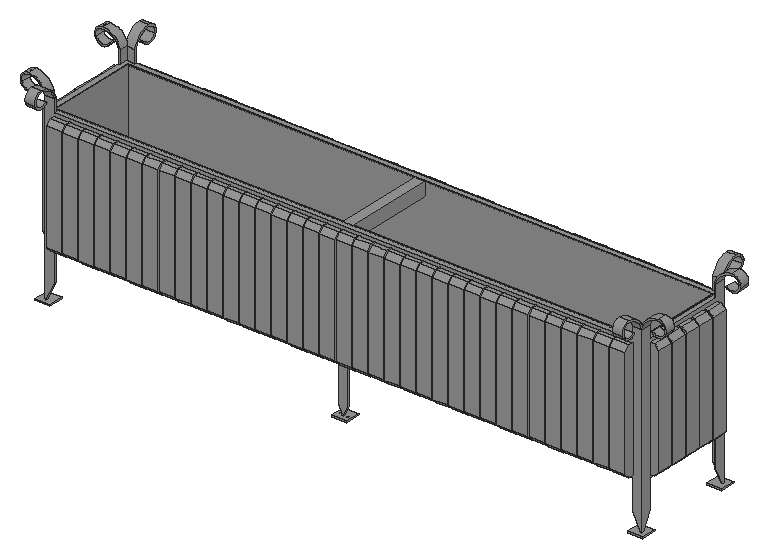
Revit family "27453 Вазон садово-парковый «Топаз» 2260х445х725 мм Хоббика", category Антураж, Revit 2018
Family settings
  На основе рабочей плоскости = Нет
  Всегда вертикально = Да
  При загрузке вырезать с полостями = Нет
  Источник визуального образа = Геометрия семейства
  Общий = Нет
  Точка расчета площади = Нет
Parameters (values of type "Вазон садово-парковый «Топаз» 2260х445х725 мм")
  Ширина = 445 mm  # constant formula
  Цвет отделки = Дерево
  Цвет каркаса = Сталь
  Описание = "Вазон садово-парковый «Топаз» 2260х445х725 мм"  # constant formula
  Материал изделия = "Сталь, дерево"  # constant formula
  Изображение типоразмера = Вазон садово-парковый «Топаз» 2260х445х725 мм Арт 27453.jpg
  Изготовитель = "ООО «Хобиика»"  # constant formula
  Длина = 2260 mm  # constant formula
  Группа модели = "Цветочницы и уличные вазоны для цветов"  # constant formula
  Высота = 725 mm  # constant formula
  Артикул товара = "Арт. 27453"  # constant formula
  URL = "https://hobbyka.ru/product/vazon_sadovo-parkovyi_topaz"
Reference planes
  plane 1 "По центру (Вперед/Назад)": y = 0
  plane 2: z = 0
  plane 3 "По центру (Влево/Вправо)": x = 0
  plane 4: y = 445
  plane 5: z = 725
  plane 6: x = 2260
Forms (mm)
  Extrusion 1, solid, material "Дерево" <- "Цвет отделки"
    sketch origin (445, 0, 0) x (-1, 0, 0) y (0, 0, 1)
      loop
        line (-1780, 615) -> (-1797.5, 615) -> (-1815, 597.5) -> (-1815, 197.5) -> (-1797.5, 180) -> (-1780, 180) -> (-1780, 615)
      loop
        line (410, 615) -> (410, 180) -> (427.5, 180) -> (445, 197.5) -> (445, 597.5) -> (427.5, 615) -> (410, 615)
    from 70 to 125
  Extrusion 2, solid, material "Дерево" <- "Цвет отделки"
    sketch origin (445, 0, 0) x (-1, 0, 0) y (0, 0, 1)
      loop
        line (-1780, 615) -> (-1797.5, 615) -> (-1815, 597.5) -> (-1815, 197.5) -> (-1797.5, 180) -> (-1780, 180) -> (-1780, 615)
      loop
        line (410, 615) -> (410, 180) -> (427.5, 180) -> (445, 197.5) -> (445, 597.5) -> (427.5, 615) -> (410, 615)
    from 132.5 to 187.5
  Extrusion 3, solid, material "Дерево" <- "Цвет отделки"
    sketch origin (445, 0, 0) x (-1, 0, 0) y (0, 0, 1)
      loop
        line (-1780, 615) -> (-1797.5, 615) -> (-1815, 597.5) -> (-1815, 197.5) -> (-1797.5, 180) -> (-1780, 180) -> (-1780, 615)
      loop
        line (410, 615) -> (410, 180) -> (427.5, 180) -> (445, 197.5) -> (445, 597.5) -> (427.5, 615) -> (410, 615)
    from 195 to 250
  Extrusion 4, solid, material "Дерево" <- "Цвет отделки"
    sketch origin (445, 0, 0) x (-1, 0, 0) y (0, 0, 1)
      loop
        line (-1780, 615) -> (-1797.5, 615) -> (-1815, 597.5) -> (-1815, 197.5) -> (-1797.5, 180) -> (-1780, 180) -> (-1780, 615)
      loop
        line (410, 615) -> (410, 180) -> (427.5, 180) -> (445, 197.5) -> (445, 597.5) -> (427.5, 615) -> (410, 615)
    from 320 to 375
  Extrusion 5, solid, material "Дерево" <- "Цвет отделки"
    sketch origin (445, 0, 0) x (-1, 0, 0) y (0, 0, 1)
      loop
        line (-1780, 615) -> (-1797.5, 615) -> (-1815, 597.5) -> (-1815, 197.5) -> (-1797.5, 180) -> (-1780, 180) -> (-1780, 615)
      loop
        line (410, 615) -> (410, 180) -> (427.5, 180) -> (445, 197.5) -> (445, 597.5) -> (427.5, 615) -> (410, 615)
    from 257.5 to 312.5
  Sweep 6, solid, material "Сталь" <- "Цвет каркаса"
    path origin (0, 0, 0) x (1, 0, 0) y (0, 1, 0)
      loop
        line (35, 410) -> (35, 35) -> (2225, 35) -> (2225, 410) -> (35, 410)
    profile origin (1130, 410, 0) x (0, 1, 0) y (0, 0, 1)
      loop
        line (0, 575.884) -> (0, 625.884) -> (-20, 625.884) -> (-20, 575.884) -> (0, 575.884)
      loop
        line (0, 220) -> (-20, 220) -> (-20, 170) -> (0, 170) -> (0, 220)
  Extrusion 7, solid, material "Сталь" <- "Цвет каркаса"
    sketch origin (0, 0, -50) x (0, 1, 0) y (0, 0, 1)
      loop
        line (-0.243, 724.722) -> (-3.786, 728.265)
        arc (-3.786, 728.265) -> (-29.243, 719.692) -> (-49.011, 737.878) r 26.374
        arc (-49.011, 737.878) -> (-44.783, 760.444) -> (-23.91, 770.006) r 24.955
        arc (-23.91, 770.006) -> (13.565, 755.546) -> (35, 721.576) r 63.88
        line (35, 721.576) -> (35, 50) -> (40, 50) -> (40, 722.175)
        arc (40, 722.175) -> (16.98, 759.211) -> (-23.668, 775) r 68.88
        arc (-23.668, 775) -> (-48.723, 763.522) -> (-53.798, 736.435) r 29.955
        arc (-53.798, 736.435) -> (-30.463, 714.84) -> (-0.243, 724.722) r 31.374
    from 35 to 70
  Extrusion 8, solid, material "Сталь" <- "Цвет каркаса"
    sketch origin (0, 0, -50) x (0, 1, 0) y (0, 0, 1)
      loop
        line (-0.243, 724.722) -> (-3.786, 728.265)
        arc (-3.786, 728.265) -> (-29.243, 719.692) -> (-49.011, 737.878) r 26.374
        arc (-49.011, 737.878) -> (-44.783, 760.444) -> (-23.91, 770.006) r 24.955
        arc (-23.91, 770.006) -> (13.565, 755.546) -> (35, 721.576) r 63.88
        line (35, 721.576) -> (35, 50) -> (40, 50) -> (40, 722.175)
        arc (40, 722.175) -> (16.98, 759.211) -> (-23.668, 775) r 68.88
        arc (-23.668, 775) -> (-48.723, 763.522) -> (-53.798, 736.435) r 29.955
        arc (-53.798, 736.435) -> (-30.463, 714.84) -> (-0.243, 724.722) r 31.374
    from 2190 to 2225
  Extrusion 9, solid, material "Сталь" <- "Цвет каркаса"
    sketch origin (0, 445, -50) x (0, -1, 0) y (0, 0, -1)
      loop
        arc (-0.243, -724.722) -> (-30.463, -714.84) -> (-53.798, -736.435) r 31.374
        arc (-53.798, -736.435) -> (-48.723, -763.522) -> (-23.668, -775) r 29.955
        arc (-23.668, -775) -> (16.98, -759.211) -> (40, -722.175) r 68.88
        line (40, -722.175) -> (40, -50) -> (35, -50) -> (35, -721.576)
        arc (35, -721.576) -> (13.565, -755.546) -> (-23.91, -770.006) r 63.88
        arc (-23.91, -770.006) -> (-44.783, -760.444) -> (-49.011, -737.878) r 24.955
        arc (-49.011, -737.878) -> (-29.243, -719.692) -> (-3.786, -728.265) r 26.374
        line (-3.786, -728.265) -> (-0.243, -724.722)
    from 35 to 70
  Extrusion 10, solid, material "Сталь" <- "Цвет каркаса"
    sketch origin (0, 445, -50) x (0, -1, 0) y (0, 0, -1)
      loop
        arc (-0.243, -724.722) -> (-30.463, -714.84) -> (-53.798, -736.435) r 31.374
        arc (-53.798, -736.435) -> (-48.723, -763.522) -> (-23.668, -775) r 29.955
        arc (-23.668, -775) -> (16.98, -759.211) -> (40, -722.175) r 68.88
        line (40, -722.175) -> (40, -50) -> (35, -50) -> (35, -721.576)
        arc (35, -721.576) -> (13.565, -755.546) -> (-23.91, -770.006) r 63.88
        arc (-23.91, -770.006) -> (-44.783, -760.444) -> (-49.011, -737.878) r 24.955
        arc (-49.011, -737.878) -> (-29.243, -719.692) -> (-3.786, -728.265) r 26.374
        line (-3.786, -728.265) -> (-0.243, -724.722)
    from 2190 to 2225
  Extrusion 11, solid, material "Сталь" <- "Цвет каркаса"
    sketch origin (2260, 0, -50) x (-1, 0, 0) y (0, 0, 1)
      loop
        line (-0.243, 724.722) -> (-3.786, 728.265)
        arc (-3.786, 728.265) -> (-29.243, 719.692) -> (-49.011, 737.878) r 26.374
        arc (-49.011, 737.878) -> (-44.783, 760.444) -> (-23.91, 770.006) r 24.955
        arc (-23.91, 770.006) -> (13.565, 755.546) -> (35, 721.576) r 63.88
        line (35, 721.576) -> (35, 50) -> (40, 50) -> (40, 722.175)
        arc (40, 722.175) -> (16.98, 759.211) -> (-23.668, 775) r 68.88
        arc (-23.668, 775) -> (-48.723, 763.522) -> (-53.798, 736.435) r 29.955
        arc (-53.798, 736.435) -> (-30.463, 714.84) -> (-0.243, 724.722) r 31.374
    from 35 to 70
  Extrusion 12, solid, material "Сталь" <- "Цвет каркаса"
    sketch origin (2260, 0, -50) x (-1, 0, 0) y (0, 0, 1)
      loop
        line (-0.243, 724.722) -> (-3.786, 728.265)
        arc (-3.786, 728.265) -> (-29.243, 719.692) -> (-49.011, 737.878) r 26.374
        arc (-49.011, 737.878) -> (-44.783, 760.444) -> (-23.91, 770.006) r 24.955
        arc (-23.91, 770.006) -> (13.565, 755.546) -> (35, 721.576) r 63.88
        line (35, 721.576) -> (35, 50) -> (40, 50) -> (40, 722.175)
        arc (40, 722.175) -> (16.98, 759.211) -> (-23.668, 775) r 68.88
        arc (-23.668, 775) -> (-48.723, 763.522) -> (-53.798, 736.435) r 29.955
        arc (-53.798, 736.435) -> (-30.463, 714.84) -> (-0.243, 724.722) r 31.374
    from 375 to 410
  Extrusion 13, solid, material "Сталь" <- "Цвет каркаса"
    sketch origin (0, 0, -50) x (1, 0, 0) y (0, 0, -1)
      loop
        arc (-0.243, -724.722) -> (-30.463, -714.84) -> (-53.798, -736.435) r 31.374
        arc (-53.798, -736.435) -> (-48.723, -763.522) -> (-23.668, -775) r 29.955
        arc (-23.668, -775) -> (16.98, -759.211) -> (40, -722.175) r 68.88
        line (40, -722.175) -> (40, -50) -> (35, -50) -> (35, -721.576)
        arc (35, -721.576) -> (13.565, -755.546) -> (-23.91, -770.006) r 63.88
        arc (-23.91, -770.006) -> (-44.783, -760.444) -> (-49.011, -737.878) r 24.955
        arc (-49.011, -737.878) -> (-29.243, -719.692) -> (-3.786, -728.265) r 26.374
        line (-3.786, -728.265) -> (-0.243, -724.722)
    from 35 to 70
  Extrusion 14, solid, material "Сталь" <- "Цвет каркаса"
    sketch origin (0, 0, -50) x (1, 0, 0) y (0, 0, -1)
      loop
        arc (-0.243, -724.722) -> (-30.463, -714.84) -> (-53.798, -736.435) r 31.374
        arc (-53.798, -736.435) -> (-48.723, -763.522) -> (-23.668, -775) r 29.955
        arc (-23.668, -775) -> (16.98, -759.211) -> (40, -722.175) r 68.88
        line (40, -722.175) -> (40, -50) -> (35, -50) -> (35, -721.576)
        arc (35, -721.576) -> (13.565, -755.546) -> (-23.91, -770.006) r 63.88
        arc (-23.91, -770.006) -> (-44.783, -760.444) -> (-49.011, -737.878) r 24.955
        arc (-49.011, -737.878) -> (-29.243, -719.692) -> (-3.786, -728.265) r 26.374
        line (-3.786, -728.265) -> (-0.243, -724.722)
    from 375 to 410
  Extrusion 15, void
    sketch origin (0, 0, 0) x (1, 0, 0) y (0, 0, 1)
      loop
        line (70, 0) -> (70, 64.335) -> (40, 0) -> (70, 0)
      loop
        line (2190, 0) -> (2220, 0) -> (2190, 64.335) -> (2190, 0)
      loop
        line (1112.5, 5) -> (1127.5, 5) -> (1112.5, 37.168) -> (1112.5, 5)
      loop
        line (1147.5, 5) -> (1147.5, 37.168) -> (1132.5, 5) -> (1147.5, 5)
    from 0 to -445
  Extrusion 16, void
    sketch origin (0, 0, 0) x (0, 1, 0) y (0, 0, 1)
      loop
        line (375, 64.335) -> (375, 0) -> (405, 0) -> (375, 64.335)
      loop
        line (70, 64.335) -> (40, 0) -> (70, 0) -> (70, 64.335)
    from 0 to 2225
  Extrusion 17, solid, material "Сталь" <- "Цвет каркаса"
    sketch origin (0, 0, 0) x (1, 0, 0) y (0, 1, 0)
      loop
        line (70, 430) -> (15, 430) -> (15, 375) -> (70, 375) -> (70, 430)
      loop
        line (2190, 430) -> (2190, 375) -> (2245, 375) -> (2245, 430) -> (2190, 430)
      loop
        line (15, 70) -> (15, 15) -> (70, 15) -> (70, 70) -> (15, 70)
      loop
        line (2245, 70) -> (2190, 70) -> (2190, 15) -> (2245, 15) -> (2245, 70)
      loop
        line (1157.5, 430) -> (1102.5, 430) -> (1102.5, 375) -> (1157.5, 375) -> (1157.5, 430)
      loop
        line (1102.5, 70) -> (1102.5, 15) -> (1157.5, 15) -> (1157.5, 70) -> (1102.5, 70)
    from 0 to 5
  Extrusion 18, solid, material "Сталь"
    sketch origin (0, 0, 0) x (1, 0, 0) y (0, 1, 0)
      loop
        line (55, 390) -> (55, 55) -> (2205, 55) -> (2205, 390) -> (55, 390)
    from 180 to 625.884
  Extrusion 19, void
    sketch origin (0, 0, 0) x (1, 0, 0) y (0, 1, 0)
      loop
        line (58, 387) -> (58, 58) -> (2202.5, 58) -> (2202.5, 387) -> (58, 387)
    from 183 to 625.884
  Extrusion 20, solid, material "Сталь" <- "Цвет каркаса"
    sketch origin (0, 0, 0) x (1, 0, 0) y (0, 1, 0)
      loop
        line (1112.5, 390) -> (1112.5, 55) -> (1147.5, 55) -> (1147.5, 390) -> (1112.5, 390)
    from 575.884 to 625.884
  Extrusion 21, solid, material "Дерево" <- "Цвет отделки"
    sketch origin (0, 0, 0) x (1, 0, 0) y (0, 1, 0)
      loop
        line (70, 445.243) -> (70, 410) -> (125, 410) -> (125, 445.243) -> (70, 445.243)
      loop
        line (70, 35) -> (70, 0) -> (125, 0) -> (125, 35) -> (70, 35)
    from 180 to 615
  Extrusion 22, solid, material "Дерево" <- "Цвет отделки"
    sketch origin (2065, 0, 0) x (1, 0, 0) y (0, 1, 0)
      loop
        line (70, 445.243) -> (70, 410) -> (125, 410) -> (125, 445.243) -> (70, 445.243)
      loop
        line (70, 35) -> (70, 0) -> (125, 0) -> (125, 35) -> (70, 35)
    from 180 to 615
  Extrusion 23, solid, material "Дерево" <- "Цвет отделки"
    sketch origin (59, 0, 0) x (1, 0, 0) y (0, 1, 0)
      loop
        line (70, 445.243) -> (70, 410) -> (125, 410) -> (125, 445.243) -> (70, 445.243)
      loop
        line (70, 35) -> (70, 0) -> (125, 0) -> (125, 35) -> (70, 35)
    from 180 to 615
  Extrusion 24, solid, material "Дерево" <- "Цвет отделки"
    sketch origin (118, 0, 0) x (1, 0, 0) y (0, 1, 0)
      loop
        line (70, 445.243) -> (70, 410) -> (125, 410) -> (125, 445.243) -> (70, 445.243)
      loop
        line (70, 35) -> (70, 0) -> (125, 0) -> (125, 35) -> (70, 35)
    from 180 to 615
  Extrusion 25, solid, material "Дерево" <- "Цвет отделки"
    sketch origin (177, 0, 0) x (1, 0, 0) y (0, 1, 0)
      loop
        line (70, 445.243) -> (70, 410) -> (125, 410) -> (125, 445.243) -> (70, 445.243)
      loop
        line (70, 35) -> (70, 0) -> (125, 0) -> (125, 35) -> (70, 35)
    from 180 to 615
  Extrusion 26, solid, material "Дерево" <- "Цвет отделки"
    sketch origin (236, 0, 0) x (1, 0, 0) y (0, 1, 0)
      loop
        line (70, 445.243) -> (70, 410) -> (125, 410) -> (125, 445.243) -> (70, 445.243)
      loop
        line (70, 35) -> (70, 0) -> (125, 0) -> (125, 35) -> (70, 35)
    from 180 to 615
  Extrusion 27, solid, material "Дерево" <- "Цвет отделки"
    sketch origin (295, 0, 0) x (1, 0, 0) y (0, 1, 0)
      loop
        line (70, 445.243) -> (70, 410) -> (125, 410) -> (125, 445.243) -> (70, 445.243)
      loop
        line (70, 35) -> (70, 0) -> (125, 0) -> (125, 35) -> (70, 35)
    from 180 to 615
  Extrusion 28, solid, material "Дерево" <- "Цвет отделки"
    sketch origin (354, 0, 0) x (1, 0, 0) y (0, 1, 0)
      loop
        line (70, 445.243) -> (70, 410) -> (125, 410) -> (125, 445.243) -> (70, 445.243)
      loop
        line (70, 35) -> (70, 0) -> (125, 0) -> (125, 35) -> (70, 35)
    from 180 to 615
  Extrusion 29, solid, material "Дерево" <- "Цвет отделки"
    sketch origin (413, 0, 0) x (1, 0, 0) y (0, 1, 0)
      loop
        line (70, 445.243) -> (70, 410) -> (125, 410) -> (125, 445.243) -> (70, 445.243)
      loop
        line (70, 35) -> (70, 0) -> (125, 0) -> (125, 35) -> (70, 35)
    from 180 to 615
  Extrusion 30, solid, material "Дерево" <- "Цвет отделки"
    sketch origin (472, 0, 0) x (1, 0, 0) y (0, 1, 0)
      loop
        line (70, 445.243) -> (70, 410) -> (125, 410) -> (125, 445.243) -> (70, 445.243)
      loop
        line (70, 35) -> (70, 0) -> (125, 0) -> (125, 35) -> (70, 35)
    from 180 to 615
  Extrusion 31, solid, material "Дерево" <- "Цвет отделки"
    sketch origin (531, 0, 0) x (1, 0, 0) y (0, 1, 0)
      loop
        line (70, 445.243) -> (70, 410) -> (125, 410) -> (125, 445.243) -> (70, 445.243)
      loop
        line (70, 35) -> (70, 0) -> (125, 0) -> (125, 35) -> (70, 35)
    from 180 to 615
  Extrusion 32, solid, material "Дерево" <- "Цвет отделки"
    sketch origin (590, 0, 0) x (1, 0, 0) y (0, 1, 0)
      loop
        line (70, 445.243) -> (70, 410) -> (125, 410) -> (125, 445.243) -> (70, 445.243)
      loop
        line (70, 35) -> (70, 0) -> (125, 0) -> (125, 35) -> (70, 35)
    from 180 to 615
  Extrusion 33, solid, material "Дерево" <- "Цвет отделки"
    sketch origin (649, 0, 0) x (1, 0, 0) y (0, 1, 0)
      loop
        line (70, 445.243) -> (70, 410) -> (125, 410) -> (125, 445.243) -> (70, 445.243)
      loop
        line (70, 35) -> (70, 0) -> (125, 0) -> (125, 35) -> (70, 35)
    from 180 to 615
  Extrusion 34, solid, material "Дерево" <- "Цвет отделки"
    sketch origin (708, 0, 0) x (1, 0, 0) y (0, 1, 0)
      loop
        line (70, 445.243) -> (70, 410) -> (125, 410) -> (125, 445.243) -> (70, 445.243)
      loop
        line (70, 35) -> (70, 0) -> (125, 0) -> (125, 35) -> (70, 35)
    from 180 to 615
  Extrusion 35, solid, material "Дерево" <- "Цвет отделки"
    sketch origin (767, 0, 0) x (1, 0, 0) y (0, 1, 0)
      loop
        line (70, 445.243) -> (70, 410) -> (125, 410) -> (125, 445.243) -> (70, 445.243)
      loop
        line (70, 35) -> (70, 0) -> (125, 0) -> (125, 35) -> (70, 35)
    from 180 to 615
  Extrusion 36, solid, material "Дерево" <- "Цвет отделки"
    sketch origin (826, 0, 0) x (1, 0, 0) y (0, 1, 0)
      loop
        line (70, 445.243) -> (70, 410) -> (125, 410) -> (125, 445.243) -> (70, 445.243)
      loop
        line (70, 35) -> (70, 0) -> (125, 0) -> (125, 35) -> (70, 35)
    from 180 to 615
  Extrusion 37, solid, material "Дерево" <- "Цвет отделки"
    sketch origin (885, 0, 0) x (1, 0, 0) y (0, 1, 0)
      loop
        line (70, 445.243) -> (70, 410) -> (125, 410) -> (125, 445.243) -> (70, 445.243)
      loop
        line (70, 35) -> (70, 0) -> (125, 0) -> (125, 35) -> (70, 35)
    from 180 to 615
  Extrusion 38, solid, material "Дерево" <- "Цвет отделки"
    sketch origin (944, 0, 0) x (1, 0, 0) y (0, 1, 0)
      loop
        line (70, 445.243) -> (70, 410) -> (125, 410) -> (125, 445.243) -> (70, 445.243)
      loop
        line (70, 35) -> (70, 0) -> (125, 0) -> (125, 35) -> (70, 35)
    from 180 to 615
  Extrusion 39, solid, material "Дерево" <- "Цвет отделки"
    sketch origin (1003, 0, 0) x (1, 0, 0) y (0, 1, 0)
      loop
        line (70, 445.243) -> (70, 410) -> (125, 410) -> (125, 445.243) -> (70, 445.243)
      loop
        line (70, 35) -> (70, 0) -> (125, 0) -> (125, 35) -> (70, 35)
    from 180 to 615
  Extrusion 40, solid, material "Дерево" <- "Цвет отделки"
    sketch origin (1062, 0, 0) x (1, 0, 0) y (0, 1, 0)
      loop
        line (70, 445.243) -> (70, 410) -> (125, 410) -> (125, 445.243) -> (70, 445.243)
      loop
        line (70, 35) -> (70, 0) -> (125, 0) -> (125, 35) -> (70, 35)
    from 180 to 615
  Extrusion 41, solid, material "Дерево" <- "Цвет отделки"
    sketch origin (1121, 0, 0) x (1, 0, 0) y (0, 1, 0)
      loop
        line (70, 445.243) -> (70, 410) -> (125, 410) -> (125, 445.243) -> (70, 445.243)
      loop
        line (70, 35) -> (70, 0) -> (125, 0) -> (125, 35) -> (70, 35)
    from 180 to 615
  Extrusion 42, solid, material "Дерево" <- "Цвет отделки"
    sketch origin (1180, 0, 0) x (1, 0, 0) y (0, 1, 0)
      loop
        line (70, 445.243) -> (70, 410) -> (125, 410) -> (125, 445.243) -> (70, 445.243)
      loop
        line (70, 35) -> (70, 0) -> (125, 0) -> (125, 35) -> (70, 35)
    from 180 to 615
  Extrusion 43, solid, material "Дерево" <- "Цвет отделки"
    sketch origin (1239, 0, 0) x (1, 0, 0) y (0, 1, 0)
      loop
        line (70, 445.243) -> (70, 410) -> (125, 410) -> (125, 445.243) -> (70, 445.243)
      loop
        line (70, 35) -> (70, 0) -> (125, 0) -> (125, 35) -> (70, 35)
    from 180 to 615
  Extrusion 44, solid, material "Дерево" <- "Цвет отделки"
    sketch origin (1298, 0, 0) x (1, 0, 0) y (0, 1, 0)
      loop
        line (70, 445.243) -> (70, 410) -> (125, 410) -> (125, 445.243) -> (70, 445.243)
      loop
        line (70, 35) -> (70, 0) -> (125, 0) -> (125, 35) -> (70, 35)
    from 180 to 615
  Extrusion 45, solid, material "Дерево" <- "Цвет отделки"
    sketch origin (1357, 0, 0) x (1, 0, 0) y (0, 1, 0)
      loop
        line (70, 445.243) -> (70, 410) -> (125, 410) -> (125, 445.243) -> (70, 445.243)
      loop
        line (70, 35) -> (70, 0) -> (125, 0) -> (125, 35) -> (70, 35)
    from 180 to 615
  Extrusion 46, solid, material "Дерево" <- "Цвет отделки"
    sketch origin (1416, 0, 0) x (1, 0, 0) y (0, 1, 0)
      loop
        line (70, 445.243) -> (70, 410) -> (125, 410) -> (125, 445.243) -> (70, 445.243)
      loop
        line (70, 35) -> (70, 0) -> (125, 0) -> (125, 35) -> (70, 35)
    from 180 to 615
  Extrusion 47, solid, material "Дерево" <- "Цвет отделки"
    sketch origin (1475, 0, 0) x (1, 0, 0) y (0, 1, 0)
      loop
        line (70, 445.243) -> (70, 410) -> (125, 410) -> (125, 445.243) -> (70, 445.243)
      loop
        line (70, 35) -> (70, 0) -> (125, 0) -> (125, 35) -> (70, 35)
    from 180 to 615
  Extrusion 48, solid, material "Дерево" <- "Цвет отделки"
    sketch origin (1534, 0, 0) x (1, 0, 0) y (0, 1, 0)
      loop
        line (70, 445.243) -> (70, 410) -> (125, 410) -> (125, 445.243) -> (70, 445.243)
      loop
        line (70, 35) -> (70, 0) -> (125, 0) -> (125, 35) -> (70, 35)
    from 180 to 615
  Extrusion 49, solid, material "Дерево" <- "Цвет отделки"
    sketch origin (1593, 0, 0) x (1, 0, 0) y (0, 1, 0)
      loop
        line (70, 445.243) -> (70, 410) -> (125, 410) -> (125, 445.243) -> (70, 445.243)
      loop
        line (70, 35) -> (70, 0) -> (125, 0) -> (125, 35) -> (70, 35)
    from 180 to 615
  Extrusion 50, solid, material "Дерево" <- "Цвет отделки"
    sketch origin (1652, 0, 0) x (1, 0, 0) y (0, 1, 0)
      loop
        line (70, 445.243) -> (70, 410) -> (125, 410) -> (125, 445.243) -> (70, 445.243)
      loop
        line (70, 35) -> (70, 0) -> (125, 0) -> (125, 35) -> (70, 35)
    from 180 to 615
  Extrusion 51, solid, material "Дерево" <- "Цвет отделки"
    sketch origin (1711, 0, 0) x (1, 0, 0) y (0, 1, 0)
      loop
        line (70, 445.243) -> (70, 410) -> (125, 410) -> (125, 445.243) -> (70, 445.243)
      loop
        line (70, 35) -> (70, 0) -> (125, 0) -> (125, 35) -> (70, 35)
    from 180 to 615
  Extrusion 52, solid, material "Дерево" <- "Цвет отделки"
    sketch origin (1770, 0, 0) x (1, 0, 0) y (0, 1, 0)
      loop
        line (70, 445.243) -> (70, 410) -> (125, 410) -> (125, 445.243) -> (70, 445.243)
      loop
        line (70, 35) -> (70, 0) -> (125, 0) -> (125, 35) -> (70, 35)
    from 180 to 615
  Extrusion 53, solid, material "Дерево" <- "Цвет отделки"
    sketch origin (1829, 0, 0) x (1, 0, 0) y (0, 1, 0)
      loop
        line (70, 445.243) -> (70, 410) -> (125, 410) -> (125, 445.243) -> (70, 445.243)
      loop
        line (70, 35) -> (70, 0) -> (125, 0) -> (125, 35) -> (70, 35)
    from 180 to 615
  Extrusion 54, solid, material "Дерево" <- "Цвет отделки"
    sketch origin (1888, 0, 0) x (1, 0, 0) y (0, 1, 0)
      loop
        line (70, 445.243) -> (70, 410) -> (125, 410) -> (125, 445.243) -> (70, 445.243)
      loop
        line (70, 35) -> (70, 0) -> (125, 0) -> (125, 35) -> (70, 35)
    from 180 to 615
  Extrusion 55, solid, material "Дерево" <- "Цвет отделки"
    sketch origin (1947, 0, 0) x (1, 0, 0) y (0, 1, 0)
      loop
        line (70, 445.243) -> (70, 410) -> (125, 410) -> (125, 445.243) -> (70, 445.243)
      loop
        line (70, 35) -> (70, 0) -> (125, 0) -> (125, 35) -> (70, 35)
    from 180 to 615
  Extrusion 56, solid, material "Дерево" <- "Цвет отделки"
    sketch origin (2006, 0, 0) x (1, 0, 0) y (0, 1, 0)
      loop
        line (70, 445.243) -> (70, 410) -> (125, 410) -> (125, 445.243) -> (70, 445.243)
      loop
        line (70, 35) -> (70, 0) -> (125, 0) -> (125, 35) -> (70, 35)
    from 180 to 615
  Extrusion 57, void
    sketch origin (0, 0, 0) x (0, 1, 0) y (0, 0, 1)
      loop
        line (17.5, 615) -> (0, 615) -> (0, 597.5) -> (17.5, 615)
      loop
        line (17.5, 180) -> (0, 197.5) -> (0, 180) -> (17.5, 180)
      loop
        line (427.621, 615) -> (445.243, 597.379) -> (445.243, 615) -> (427.621, 615)
      loop
        line (427.621, 180) -> (445.243, 180) -> (445.243, 197.621) -> (427.621, 180)
    from 70 to 2190
  Extrusion 58, solid, material "Сталь" <- "Цвет каркаса"
    sketch origin (0, 0, 0) x (0, 1, 0) y (0, 0, 1)
      loop
        line (405, 170) -> (405, 0) -> (410, 0) -> (410, 170) -> (405, 170)
      loop
        line (35, 170) -> (35, 0) -> (40, 0) -> (40, 170) -> (35, 170)
    from 1112.5 to 1147.5
Cuts and joins
  Extrusion 16 cuts Sweep 6
  Extrusion 15, Extrusion 16 cuts Extrusion 7
  Extrusion 15, Extrusion 16 cuts Extrusion 8
  Extrusion 15, Extrusion 16 cuts Extrusion 9
  Extrusion 15, Extrusion 16 cuts Extrusion 10
  Extrusion 16 cuts Extrusion 11
  Extrusion 16 cuts Extrusion 12
  Extrusion 16 cuts Extrusion 13
  Extrusion 16 cuts Extrusion 14
  joined: Sweep 6, Extrusion 7, Extrusion 8, Extrusion 9, Extrusion 10, Extrusion 11, Extrusion 12, Extrusion 13, Extrusion 14
  Extrusion 19 cuts Extrusion 17
  Extrusion 19 cuts Extrusion 18
  Extrusion 57 cuts Extrusion 21
  Extrusion 57 cuts Extrusion 23
  Extrusion 57 cuts Extrusion 24
  Extrusion 57 cuts Extrusion 25
  Extrusion 57 cuts Extrusion 26
  Extrusion 57 cuts Extrusion 27
  Extrusion 57 cuts Extrusion 28
  Extrusion 57 cuts Extrusion 29
  Extrusion 57 cuts Extrusion 30
  Extrusion 57 cuts Extrusion 31
  Extrusion 57 cuts Extrusion 32
  Extrusion 57 cuts Extrusion 33
  Extrusion 57 cuts Extrusion 34
  Extrusion 57 cuts Extrusion 35
  Extrusion 57 cuts Extrusion 36
  Extrusion 57 cuts Extrusion 37
  Extrusion 57 cuts Extrusion 38
  Extrusion 57 cuts Extrusion 39
  Extrusion 57 cuts Extrusion 40
  Extrusion 57 cuts Extrusion 41
  Extrusion 57 cuts Extrusion 42
  Extrusion 57 cuts Extrusion 43
  Extrusion 57 cuts Extrusion 44
  Extrusion 57 cuts Extrusion 45
  Extrusion 57 cuts Extrusion 46
  Extrusion 57 cuts Extrusion 47
  Extrusion 57 cuts Extrusion 48
  Extrusion 57 cuts Extrusion 49
  Extrusion 57 cuts Extrusion 50
  Extrusion 57 cuts Extrusion 51
  Extrusion 57 cuts Extrusion 52
  Extrusion 57 cuts Extrusion 53
  Extrusion 57 cuts Extrusion 54
  Extrusion 57 cuts Extrusion 55
  Extrusion 57 cuts Extrusion 56
  Extrusion 57 cuts Extrusion 22
  Extrusion 15 cuts Extrusion 58
Dimensions and locks
  "Ширина": plane 4 to plane 1 "По центру (Вперед/Назад)"
  plane 5 to level = 725 mm
  "Длина": plane 6 to plane 3 "По центру (Влево/Вправо)"
  equal spacing: group 1, group 3, group 4, group 5, group 6, group 7, group 8, group 9, group 10, group 11, group 12, group 13, group 14, group 15, group 16, group 17, group 18, group 19, group 20, group 21, group 22, group 23, group 24, group 25, group 26, group 27, group 28, group 29, group 30, group 31, group 32, group 33, group 34, group 35, group 36, group 2  (x3)
  aligned and locked: level to plane 2
Automatic sketch dimensions
  Extrusion 1 sketch curve to plane 3 "По центру (Влево/Вправо)" = 0 mm
  Extrusion 1 sketch curve to Extrusion 1 sketch curve = 17.5 mm  (x7)
  plane 3 "По центру (Влево/Вправо)" to Extrusion 1 sketch curve = 35 mm
  plane 3 "По центру (Влево/Вправо)" to Extrusion 1 sketch curve = 17.5 mm  (x2)
  level to Extrusion 1 sketch curve = 180 mm  (x2)
  Extrusion 2 sketch curve to plane 3 "По центру (Влево/Вправо)" = 0 mm
  Extrusion 2 sketch curve to Extrusion 2 sketch curve = 17.5 mm  (x7)
  plane 3 "По центру (Влево/Вправо)" to Extrusion 2 sketch curve = 35 mm
  plane 3 "По центру (Влево/Вправо)" to Extrusion 2 sketch curve = 17.5 mm  (x2)
  level to Extrusion 2 sketch curve = 180 mm  (x2)
  Extrusion 3 sketch curve to plane 3 "По центру (Влево/Вправо)" = 0 mm
  Extrusion 3 sketch curve to Extrusion 3 sketch curve = 17.5 mm  (x7)
  plane 3 "По центру (Влево/Вправо)" to Extrusion 3 sketch curve = 35 mm
  plane 3 "По центру (Влево/Вправо)" to Extrusion 3 sketch curve = 17.5 mm  (x2)
  level to Extrusion 3 sketch curve = 180 mm  (x2)
  Extrusion 4 sketch curve to plane 3 "По центру (Влево/Вправо)" = 0 mm
  Extrusion 4 sketch curve to Extrusion 4 sketch curve = 17.5 mm  (x7)
  plane 3 "По центру (Влево/Вправо)" to Extrusion 4 sketch curve = 35 mm
  plane 3 "По центру (Влево/Вправо)" to Extrusion 4 sketch curve = 17.5 mm  (x2)
  level to Extrusion 4 sketch curve = 180 mm  (x2)
  Extrusion 5 sketch curve to plane 3 "По центру (Влево/Вправо)" = 0 mm
  Extrusion 5 sketch curve to Extrusion 5 sketch curve = 17.5 mm  (x7)
  plane 3 "По центру (Влево/Вправо)" to Extrusion 5 sketch curve = 35 mm
  plane 3 "По центру (Влево/Вправо)" to Extrusion 5 sketch curve = 17.5 mm  (x2)
  level to Extrusion 5 sketch curve = 180 mm  (x2)
  Extrusion 7 sketch curve to Extrusion 7 sketch curve = 0 mm  (x10)
  Extrusion 7 sketch curve to level = 0 mm
  plane 1 "По центру (Вперед/Назад)" to Extrusion 7 sketch curve = 27.002 mm
  plane 1 "По центру (Вперед/Назад)" to Extrusion 7 sketch curve = 25.118 mm
  Extrusion 7 sketch curve to Extrusion 7 sketch curve = 1.359 mm
  plane 1 "По центру (Вперед/Назад)" to Extrusion 7 sketch curve = 3.786 mm
  plane 1 "По центру (Вперед/Назад)" to Extrusion 7 sketch curve = 0.243 mm
  Extrusion 7 sketch curve to plane 1 "По центру (Вперед/Назад)" = 35 mm
  Extrusion 7 sketch curve to Extrusion 7 sketch curve = 5 mm
  Extrusion 7 sketch curve to Extrusion 7 sketch curve = 68.799 mm
  Extrusion 7 sketch curve to Extrusion 7 sketch curve = 0.599 mm
  Extrusion 7 sketch curve to Extrusion 7 sketch curve = 20.359 mm
  Extrusion 7 sketch curve to Extrusion 7 sketch curve = 3.544 mm
  Extrusion 7 sketch curve to Extrusion 7 sketch curve = 0.41 mm
  Extrusion 8 sketch curve to Extrusion 8 sketch curve = 0 mm  (x10)
  Extrusion 8 sketch curve to level = 0 mm
  plane 1 "По центру (Вперед/Назад)" to Extrusion 8 sketch curve = 27.002 mm
  plane 1 "По центру (Вперед/Назад)" to Extrusion 8 sketch curve = 25.118 mm
  Extrusion 8 sketch curve to Extrusion 8 sketch curve = 1.359 mm
  plane 1 "По центру (Вперед/Назад)" to Extrusion 8 sketch curve = 3.786 mm
  plane 1 "По центру (Вперед/Назад)" to Extrusion 8 sketch curve = 0.243 mm
  Extrusion 8 sketch curve to plane 1 "По центру (Вперед/Назад)" = 35 mm
  Extrusion 8 sketch curve to Extrusion 8 sketch curve = 5 mm
  Extrusion 8 sketch curve to Extrusion 8 sketch curve = 68.799 mm
  Extrusion 8 sketch curve to Extrusion 8 sketch curve = 0.599 mm
  Extrusion 8 sketch curve to Extrusion 8 sketch curve = 20.359 mm
  Extrusion 8 sketch curve to Extrusion 8 sketch curve = 3.544 mm
  Extrusion 8 sketch curve to Extrusion 8 sketch curve = 0.41 mm
  Extrusion 9 sketch curve to Extrusion 9 sketch curve = 0 mm  (x10)
  level to Extrusion 9 sketch curve = 0 mm
  Extrusion 9 sketch curve to plane 4 = 27.002 mm
  Extrusion 9 sketch curve to plane 4 = 25.118 mm
  Extrusion 9 sketch curve to Extrusion 9 sketch curve = 1.359 mm
  Extrusion 9 sketch curve to plane 4 = 3.786 mm
  Extrusion 9 sketch curve to plane 4 = 0.243 mm
  plane 4 to Extrusion 9 sketch curve = 35 mm
  Extrusion 9 sketch curve to Extrusion 9 sketch curve = 5 mm
  Extrusion 9 sketch curve to Extrusion 9 sketch curve = 68.799 mm
  Extrusion 9 sketch curve to Extrusion 9 sketch curve = 0.599 mm
  Extrusion 9 sketch curve to Extrusion 9 sketch curve = 20.359 mm
  Extrusion 9 sketch curve to Extrusion 9 sketch curve = 3.544 mm
  Extrusion 9 sketch curve to Extrusion 9 sketch curve = 0.41 mm
  Extrusion 10 sketch curve to Extrusion 10 sketch curve = 0 mm  (x10)
  level to Extrusion 10 sketch curve = 0 mm
  Extrusion 10 sketch curve to plane 4 = 27.002 mm
  Extrusion 10 sketch curve to plane 4 = 25.118 mm
  Extrusion 10 sketch curve to Extrusion 10 sketch curve = 1.359 mm
  Extrusion 10 sketch curve to plane 4 = 3.786 mm
  Extrusion 10 sketch curve to plane 4 = 0.243 mm
  plane 4 to Extrusion 10 sketch curve = 35 mm
  Extrusion 10 sketch curve to Extrusion 10 sketch curve = 5 mm
  Extrusion 10 sketch curve to Extrusion 10 sketch curve = 68.799 mm
  Extrusion 10 sketch curve to Extrusion 10 sketch curve = 0.599 mm
  Extrusion 10 sketch curve to Extrusion 10 sketch curve = 20.359 mm
  Extrusion 10 sketch curve to Extrusion 10 sketch curve = 3.544 mm
  Extrusion 10 sketch curve to Extrusion 10 sketch curve = 0.41 mm
  Extrusion 11 sketch curve to Extrusion 11 sketch curve = 0 mm  (x10)
  Extrusion 11 sketch curve to level = 0 mm
  Extrusion 11 sketch curve to Extrusion 11 sketch curve = 1.359 mm
  Extrusion 11 sketch curve to Extrusion 11 sketch curve = 5 mm
  Extrusion 11 sketch curve to Extrusion 11 sketch curve = 68.799 mm
  Extrusion 11 sketch curve to Extrusion 11 sketch curve = 0.599 mm
  Extrusion 11 sketch curve to Extrusion 11 sketch curve = 20.359 mm
  Extrusion 11 sketch curve to Extrusion 11 sketch curve = 3.544 mm  (x2)
  Extrusion 11 sketch curve to Extrusion 11 sketch curve = 0.41 mm
  Extrusion 12 sketch curve to Extrusion 12 sketch curve = 0 mm  (x10)
  Extrusion 12 sketch curve to level = 0 mm
  Extrusion 12 sketch curve to Extrusion 12 sketch curve = 1.359 mm
  Extrusion 12 sketch curve to Extrusion 12 sketch curve = 5 mm
  Extrusion 12 sketch curve to Extrusion 12 sketch curve = 68.799 mm
  Extrusion 12 sketch curve to Extrusion 12 sketch curve = 0.599 mm
  Extrusion 12 sketch curve to Extrusion 12 sketch curve = 20.359 mm
  Extrusion 12 sketch curve to Extrusion 12 sketch curve = 3.544 mm  (x2)
  Extrusion 12 sketch curve to Extrusion 12 sketch curve = 0.41 mm
  Extrusion 13 sketch curve to Extrusion 13 sketch curve = 0 mm  (x10)
  Extrusion 13 sketch curve to level = 0 mm
  Extrusion 13 sketch curve to plane 3 "По центру (Влево/Вправо)" = 27.002 mm
  Extrusion 13 sketch curve to plane 3 "По центру (Влево/Вправо)" = 25.118 mm
  Extrusion 13 sketch curve to Extrusion 13 sketch curve = 1.359 mm
  Extrusion 13 sketch curve to plane 3 "По центру (Влево/Вправо)" = 3.786 mm
  Extrusion 13 sketch curve to plane 3 "По центру (Влево/Вправо)" = 0.243 mm
  plane 3 "По центру (Влево/Вправо)" to Extrusion 13 sketch curve = 35 mm
  Extrusion 13 sketch curve to Extrusion 13 sketch curve = 5 mm
  Extrusion 13 sketch curve to Extrusion 13 sketch curve = 0.41 mm
  Extrusion 13 sketch curve to Extrusion 13 sketch curve = 17.224 mm
  Extrusion 13 sketch curve to Extrusion 13 sketch curve = 3.544 mm
  Extrusion 13 sketch curve to Extrusion 13 sketch curve = 2.547 mm
  Extrusion 13 sketch curve to Extrusion 13 sketch curve = 0.599 mm
  Extrusion 14 sketch curve to Extrusion 14 sketch curve = 0 mm  (x10)
  Extrusion 14 sketch curve to level = 0 mm
  Extrusion 14 sketch curve to plane 3 "По центру (Влево/Вправо)" = 27.002 mm
  Extrusion 14 sketch curve to plane 3 "По центру (Влево/Вправо)" = 25.118 mm
  Extrusion 14 sketch curve to Extrusion 14 sketch curve = 1.359 mm
  Extrusion 14 sketch curve to plane 3 "По центру (Влево/Вправо)" = 3.786 mm
  Extrusion 14 sketch curve to plane 3 "По центру (Влево/Вправо)" = 0.243 mm
  plane 3 "По центру (Влево/Вправо)" to Extrusion 14 sketch curve = 35 mm
  Extrusion 14 sketch curve to Extrusion 14 sketch curve = 5 mm
  Extrusion 14 sketch curve to Extrusion 14 sketch curve = 0.41 mm
  Extrusion 14 sketch curve to Extrusion 14 sketch curve = 17.224 mm
  Extrusion 14 sketch curve to Extrusion 14 sketch curve = 3.544 mm
  Extrusion 14 sketch curve to Extrusion 14 sketch curve = 2.547 mm
  Extrusion 14 sketch curve to Extrusion 14 sketch curve = 0.599 mm
  Extrusion 16 sketch curve to level = 0 mm  (x2)
  Extrusion 16 sketch curve to plane 1 "По центру (Вперед/Назад)" = 40 mm
  Extrusion 16 sketch curve to Extrusion 16 sketch curve = 30 mm  (x2)
  Extrusion 16 sketch curve to plane 4 = 70 mm
  level to Extrusion 16 sketch curve = 64.335 mm  (x2)
  plane 3 "По центру (Влево/Вправо)" to Extrusion 18 sketch curve = 55 mm
  Extrusion 18 sketch curve to plane 1 "По центру (Вперед/Назад)" = 55 mm
  Extrusion 18 sketch curve to plane 4 = 55 mm
  Extrusion 1 sketch curve to Extrusion 1 sketch curve = 2190 mm
  Extrusion 2 sketch curve to Extrusion 2 sketch curve = 2190 mm
  Extrusion 3 sketch curve to Extrusion 3 sketch curve = 2190 mm
  Extrusion 4 sketch curve to Extrusion 4 sketch curve = 2190 mm
  Extrusion 5 sketch curve to Extrusion 5 sketch curve = 2190 mm
  plane 3 "По центру (Влево/Вправо)" to Extrusion 11 sketch curve = 2287.002 mm
  Extrusion 11 sketch curve to Extrusion 11 sketch curve = 1.884 mm
  Extrusion 11 sketch curve to Extrusion 11 sketch curve = 19.973 mm
  plane 3 "По центру (Влево/Вправо)" to Extrusion 12 sketch curve = 2287.002 mm
  Extrusion 12 sketch curve to Extrusion 12 sketch curve = 1.884 mm
  Extrusion 12 sketch curve to Extrusion 12 sketch curve = 19.973 mm
  Extrusion 18 sketch curve to Extrusion 18 sketch curve = 2150 mm
  Extrusion 1 sketch curve to plane 5 = 127.5 mm  (x2)
  Extrusion 2 sketch curve to plane 5 = 127.5 mm  (x2)
  Extrusion 3 sketch curve to plane 5 = 127.5 mm  (x2)
  Extrusion 4 sketch curve to plane 5 = 127.5 mm  (x2)
  Extrusion 5 sketch curve to plane 5 = 127.5 mm  (x2)
  Extrusion 7 sketch curve to plane 5 = 0 mm  (x2)
  Extrusion 7 sketch curve to Extrusion 7 sketch curve = 15.376 mm
  Extrusion 8 sketch curve to plane 5 = 0 mm  (x2)
  Extrusion 8 sketch curve to Extrusion 8 sketch curve = 15.376 mm
  Extrusion 9 sketch curve to plane 5 = 0 mm  (x2)
  Extrusion 9 sketch curve to Extrusion 9 sketch curve = 15.376 mm
  Extrusion 10 sketch curve to plane 5 = 0 mm  (x2)
  Extrusion 10 sketch curve to Extrusion 10 sketch curve = 15.376 mm
  Extrusion 11 sketch curve to plane 5 = 0 mm  (x2)
  plane 3 "По центру (Влево/Вправо)" to Extrusion 11 sketch curve = 2225 mm
  Extrusion 11 sketch curve to Extrusion 11 sketch curve = 15.376 mm
  Extrusion 12 sketch curve to plane 5 = 0 mm  (x2)
  plane 3 "По центру (Влево/Вправо)" to Extrusion 12 sketch curve = 2225 mm
  Extrusion 12 sketch curve to Extrusion 12 sketch curve = 15.376 mm
  Extrusion 13 sketch curve to plane 5 = 0 mm  (x2)
  Extrusion 13 sketch curve to plane 5 = 29.51 mm
  Extrusion 14 sketch curve to plane 5 = 0 mm  (x2)
  Extrusion 14 sketch curve to plane 5 = 29.51 mm
  Sweep 6 sketch curve to profile plane = 0 mm  (x2)
  Sweep 6 sketch curve to Sweep 6 sketch curve = 20 mm
  profile plane to Sweep 6 sketch curve = 20 mm
  level to Sweep 6 sketch curve = 170 mm
  Sweep 6 sketch curve to Sweep 6 sketch curve = 50 mm  (x2)
  Sweep 6 sketch curve to Sweep 6 sketch curve = 355.884 mm
  plane 3 "По центру (Влево/Вправо)" to Sweep 6 sketch curve = 35 mm
  Sweep 6 sketch curve to plane 6 = 35 mm
  Sweep 6 sketch curve to plane 1 "По центру (Вперед/Назад)" = 35 mm
  Sweep 6 sketch curve to plane 4 = 35 mm
  plane 3 "По центру (Влево/Вправо)" to Extrusion 19 sketch curve = 58 mm
  Extrusion 19 sketch curve to plane 6 = 57.5 mm
  Extrusion 19 sketch curve to plane 1 "По центру (Вперед/Назад)" = 58 mm
  Extrusion 19 sketch curve to plane 4 = 58 mm
  Extrusion 20 sketch curve to plane 6 = 1112.5 mm
  Extrusion 20 sketch curve to plane 1 "По центру (Вперед/Назад)" = 55 mm
  Extrusion 20 sketch curve to plane 4 = 55 mm
  Extrusion 20 sketch curve to Extrusion 20 sketch curve = 35 mm
  Extrusion 21 sketch curve to Extrusion 21 sketch curve = 55 mm  (x2)
  Extrusion 21 sketch curve to Extrusion 21 sketch curve = 0 mm
  Extrusion 21 sketch curve to Extrusion 21 sketch curve = 35 mm
  Extrusion 21 sketch curve to Extrusion 21 sketch curve = 375 mm
  Extrusion 21 sketch curve to Extrusion 21 sketch curve = 35.243 mm
  Extrusion 22 sketch curve to Extrusion 22 sketch curve = 55 mm  (x2)
  Extrusion 22 sketch curve to Extrusion 22 sketch curve = 0 mm
  Extrusion 22 sketch curve to Extrusion 22 sketch curve = 35 mm
  Extrusion 22 sketch curve to Extrusion 22 sketch curve = 375 mm
  Extrusion 22 sketch curve to Extrusion 22 sketch curve = 35.243 mm
  Extrusion 23 sketch curve to Extrusion 23 sketch curve = 55 mm  (x2)
  Extrusion 23 sketch curve to Extrusion 23 sketch curve = 0 mm
  Extrusion 23 sketch curve to Extrusion 23 sketch curve = 35 mm
  Extrusion 23 sketch curve to Extrusion 23 sketch curve = 375 mm
  Extrusion 23 sketch curve to Extrusion 23 sketch curve = 35.243 mm
  Extrusion 24 sketch curve to Extrusion 24 sketch curve = 55 mm  (x2)
  Extrusion 24 sketch curve to Extrusion 24 sketch curve = 0 mm
  Extrusion 24 sketch curve to Extrusion 24 sketch curve = 35 mm
  Extrusion 24 sketch curve to Extrusion 24 sketch curve = 375 mm
  Extrusion 24 sketch curve to Extrusion 24 sketch curve = 35.243 mm
  Extrusion 25 sketch curve to Extrusion 25 sketch curve = 55 mm  (x2)
  Extrusion 25 sketch curve to Extrusion 25 sketch curve = 0 mm
  Extrusion 25 sketch curve to Extrusion 25 sketch curve = 35 mm
  Extrusion 25 sketch curve to Extrusion 25 sketch curve = 375 mm
  Extrusion 25 sketch curve to Extrusion 25 sketch curve = 35.243 mm
  Extrusion 26 sketch curve to Extrusion 26 sketch curve = 55 mm  (x2)
  Extrusion 26 sketch curve to Extrusion 26 sketch curve = 0 mm
  Extrusion 26 sketch curve to Extrusion 26 sketch curve = 35 mm
  Extrusion 26 sketch curve to Extrusion 26 sketch curve = 375 mm
  Extrusion 26 sketch curve to Extrusion 26 sketch curve = 35.243 mm
  Extrusion 27 sketch curve to Extrusion 27 sketch curve = 55 mm  (x2)
  Extrusion 27 sketch curve to Extrusion 27 sketch curve = 0 mm
  Extrusion 27 sketch curve to Extrusion 27 sketch curve = 35 mm
  Extrusion 27 sketch curve to Extrusion 27 sketch curve = 375 mm
  Extrusion 27 sketch curve to Extrusion 27 sketch curve = 35.243 mm
  Extrusion 28 sketch curve to Extrusion 28 sketch curve = 55 mm  (x2)
  Extrusion 28 sketch curve to Extrusion 28 sketch curve = 0 mm
  Extrusion 28 sketch curve to Extrusion 28 sketch curve = 35 mm
  Extrusion 28 sketch curve to Extrusion 28 sketch curve = 375 mm
  Extrusion 28 sketch curve to Extrusion 28 sketch curve = 35.243 mm
  Extrusion 29 sketch curve to Extrusion 29 sketch curve = 55 mm  (x2)
  Extrusion 29 sketch curve to Extrusion 29 sketch curve = 0 mm
  Extrusion 29 sketch curve to Extrusion 29 sketch curve = 35 mm
  Extrusion 29 sketch curve to Extrusion 29 sketch curve = 375 mm
  Extrusion 29 sketch curve to Extrusion 29 sketch curve = 35.243 mm
  Extrusion 30 sketch curve to Extrusion 30 sketch curve = 55 mm  (x2)
  Extrusion 30 sketch curve to Extrusion 30 sketch curve = 0 mm
  Extrusion 30 sketch curve to Extrusion 30 sketch curve = 35 mm
  Extrusion 30 sketch curve to Extrusion 30 sketch curve = 375 mm
  Extrusion 30 sketch curve to Extrusion 30 sketch curve = 35.243 mm
  Extrusion 31 sketch curve to Extrusion 31 sketch curve = 55 mm  (x2)
  Extrusion 31 sketch curve to Extrusion 31 sketch curve = 0 mm
  Extrusion 31 sketch curve to Extrusion 31 sketch curve = 35 mm
  Extrusion 31 sketch curve to Extrusion 31 sketch curve = 375 mm
  Extrusion 31 sketch curve to Extrusion 31 sketch curve = 35.243 mm
  Extrusion 32 sketch curve to Extrusion 32 sketch curve = 55 mm  (x2)
  Extrusion 32 sketch curve to Extrusion 32 sketch curve = 0 mm
  Extrusion 32 sketch curve to Extrusion 32 sketch curve = 35 mm
  Extrusion 32 sketch curve to Extrusion 32 sketch curve = 375 mm
  Extrusion 32 sketch curve to Extrusion 32 sketch curve = 35.243 mm
  Extrusion 33 sketch curve to Extrusion 33 sketch curve = 55 mm  (x2)
  Extrusion 33 sketch curve to Extrusion 33 sketch curve = 0 mm
  Extrusion 33 sketch curve to Extrusion 33 sketch curve = 35 mm
  Extrusion 33 sketch curve to Extrusion 33 sketch curve = 375 mm
  Extrusion 33 sketch curve to Extrusion 33 sketch curve = 35.243 mm
  Extrusion 34 sketch curve to Extrusion 34 sketch curve = 55 mm  (x2)
  Extrusion 34 sketch curve to Extrusion 34 sketch curve = 0 mm
  Extrusion 34 sketch curve to Extrusion 34 sketch curve = 35 mm
  Extrusion 34 sketch curve to Extrusion 34 sketch curve = 375 mm
  Extrusion 34 sketch curve to Extrusion 34 sketch curve = 35.243 mm
  Extrusion 35 sketch curve to Extrusion 35 sketch curve = 55 mm  (x2)
  Extrusion 35 sketch curve to Extrusion 35 sketch curve = 0 mm
  Extrusion 35 sketch curve to Extrusion 35 sketch curve = 35 mm
  Extrusion 35 sketch curve to Extrusion 35 sketch curve = 375 mm
  Extrusion 35 sketch curve to Extrusion 35 sketch curve = 35.243 mm
  Extrusion 36 sketch curve to Extrusion 36 sketch curve = 55 mm  (x2)
  Extrusion 36 sketch curve to Extrusion 36 sketch curve = 0 mm
  Extrusion 36 sketch curve to Extrusion 36 sketch curve = 35 mm
  Extrusion 36 sketch curve to Extrusion 36 sketch curve = 375 mm
  Extrusion 36 sketch curve to Extrusion 36 sketch curve = 35.243 mm
  Extrusion 37 sketch curve to Extrusion 37 sketch curve = 55 mm  (x2)
  Extrusion 37 sketch curve to Extrusion 37 sketch curve = 0 mm
  Extrusion 37 sketch curve to Extrusion 37 sketch curve = 35 mm
  Extrusion 37 sketch curve to Extrusion 37 sketch curve = 375 mm
  Extrusion 37 sketch curve to Extrusion 37 sketch curve = 35.243 mm
  Extrusion 38 sketch curve to Extrusion 38 sketch curve = 55 mm  (x2)
  Extrusion 38 sketch curve to Extrusion 38 sketch curve = 0 mm
  Extrusion 38 sketch curve to Extrusion 38 sketch curve = 35 mm
  Extrusion 38 sketch curve to Extrusion 38 sketch curve = 375 mm
  Extrusion 38 sketch curve to Extrusion 38 sketch curve = 35.243 mm
  Extrusion 39 sketch curve to Extrusion 39 sketch curve = 55 mm  (x2)
  Extrusion 39 sketch curve to Extrusion 39 sketch curve = 0 mm
  Extrusion 39 sketch curve to Extrusion 39 sketch curve = 35 mm
  Extrusion 39 sketch curve to Extrusion 39 sketch curve = 375 mm
  Extrusion 39 sketch curve to Extrusion 39 sketch curve = 35.243 mm
  Extrusion 40 sketch curve to Extrusion 40 sketch curve = 55 mm  (x2)
  Extrusion 40 sketch curve to Extrusion 40 sketch curve = 0 mm
  Extrusion 40 sketch curve to Extrusion 40 sketch curve = 35 mm
  Extrusion 40 sketch curve to Extrusion 40 sketch curve = 375 mm
  Extrusion 40 sketch curve to Extrusion 40 sketch curve = 35.243 mm
  Extrusion 41 sketch curve to Extrusion 41 sketch curve = 55 mm  (x2)
  Extrusion 41 sketch curve to Extrusion 41 sketch curve = 0 mm
  Extrusion 41 sketch curve to Extrusion 41 sketch curve = 35 mm
  Extrusion 41 sketch curve to Extrusion 41 sketch curve = 375 mm
  Extrusion 41 sketch curve to Extrusion 41 sketch curve = 35.243 mm
  Extrusion 42 sketch curve to Extrusion 42 sketch curve = 55 mm  (x2)
  Extrusion 42 sketch curve to Extrusion 42 sketch curve = 0 mm
  Extrusion 42 sketch curve to Extrusion 42 sketch curve = 35 mm
  Extrusion 42 sketch curve to Extrusion 42 sketch curve = 375 mm
  Extrusion 42 sketch curve to Extrusion 42 sketch curve = 35.243 mm
  Extrusion 43 sketch curve to Extrusion 43 sketch curve = 55 mm  (x2)
  Extrusion 43 sketch curve to Extrusion 43 sketch curve = 0 mm
  Extrusion 43 sketch curve to Extrusion 43 sketch curve = 35 mm
  Extrusion 43 sketch curve to Extrusion 43 sketch curve = 375 mm
  Extrusion 43 sketch curve to Extrusion 43 sketch curve = 35.243 mm
  Extrusion 44 sketch curve to Extrusion 44 sketch curve = 55 mm  (x2)
  Extrusion 44 sketch curve to Extrusion 44 sketch curve = 0 mm
  Extrusion 44 sketch curve to Extrusion 44 sketch curve = 35 mm
  Extrusion 44 sketch curve to Extrusion 44 sketch curve = 375 mm
  Extrusion 44 sketch curve to Extrusion 44 sketch curve = 35.243 mm
  Extrusion 45 sketch curve to Extrusion 45 sketch curve = 55 mm  (x2)
  Extrusion 45 sketch curve to Extrusion 45 sketch curve = 0 mm
  Extrusion 45 sketch curve to Extrusion 45 sketch curve = 35 mm
  Extrusion 45 sketch curve to Extrusion 45 sketch curve = 375 mm
  Extrusion 45 sketch curve to Extrusion 45 sketch curve = 35.243 mm
  Extrusion 46 sketch curve to Extrusion 46 sketch curve = 55 mm  (x2)
  Extrusion 46 sketch curve to Extrusion 46 sketch curve = 0 mm
  Extrusion 46 sketch curve to Extrusion 46 sketch curve = 35 mm
  Extrusion 46 sketch curve to Extrusion 46 sketch curve = 375 mm
  Extrusion 46 sketch curve to Extrusion 46 sketch curve = 35.243 mm
  Extrusion 47 sketch curve to Extrusion 47 sketch curve = 55 mm  (x2)
  Extrusion 47 sketch curve to Extrusion 47 sketch curve = 0 mm
  Extrusion 47 sketch curve to Extrusion 47 sketch curve = 35 mm
  Extrusion 47 sketch curve to Extrusion 47 sketch curve = 375 mm
  Extrusion 47 sketch curve to Extrusion 47 sketch curve = 35.243 mm
  Extrusion 48 sketch curve to Extrusion 48 sketch curve = 55 mm  (x2)
  Extrusion 48 sketch curve to Extrusion 48 sketch curve = 0 mm
  Extrusion 48 sketch curve to Extrusion 48 sketch curve = 35 mm
  Extrusion 48 sketch curve to Extrusion 48 sketch curve = 375 mm
  Extrusion 48 sketch curve to Extrusion 48 sketch curve = 35.243 mm
  Extrusion 49 sketch curve to Extrusion 49 sketch curve = 55 mm  (x2)
  Extrusion 49 sketch curve to Extrusion 49 sketch curve = 0 mm
  Extrusion 49 sketch curve to Extrusion 49 sketch curve = 35 mm
  Extrusion 49 sketch curve to Extrusion 49 sketch curve = 375 mm
  Extrusion 49 sketch curve to Extrusion 49 sketch curve = 35.243 mm
  Extrusion 50 sketch curve to Extrusion 50 sketch curve = 55 mm  (x2)
  Extrusion 50 sketch curve to Extrusion 50 sketch curve = 0 mm
  Extrusion 50 sketch curve to Extrusion 50 sketch curve = 35 mm
  Extrusion 50 sketch curve to Extrusion 50 sketch curve = 375 mm
  Extrusion 50 sketch curve to Extrusion 50 sketch curve = 35.243 mm
  Extrusion 51 sketch curve to Extrusion 51 sketch curve = 55 mm  (x2)
  Extrusion 51 sketch curve to Extrusion 51 sketch curve = 0 mm
  Extrusion 51 sketch curve to Extrusion 51 sketch curve = 35 mm
  Extrusion 51 sketch curve to Extrusion 51 sketch curve = 375 mm
  Extrusion 51 sketch curve to Extrusion 51 sketch curve = 35.243 mm
  Extrusion 52 sketch curve to Extrusion 52 sketch curve = 55 mm  (x2)
  Extrusion 52 sketch curve to Extrusion 52 sketch curve = 0 mm
  Extrusion 52 sketch curve to Extrusion 52 sketch curve = 35 mm
  Extrusion 52 sketch curve to Extrusion 52 sketch curve = 375 mm
  Extrusion 52 sketch curve to Extrusion 52 sketch curve = 35.243 mm
  Extrusion 53 sketch curve to Extrusion 53 sketch curve = 55 mm  (x2)
  Extrusion 53 sketch curve to Extrusion 53 sketch curve = 0 mm
  Extrusion 53 sketch curve to Extrusion 53 sketch curve = 35 mm
  Extrusion 53 sketch curve to Extrusion 53 sketch curve = 375 mm
  Extrusion 53 sketch curve to Extrusion 53 sketch curve = 35.243 mm
  Extrusion 54 sketch curve to Extrusion 54 sketch curve = 55 mm  (x2)
  Extrusion 54 sketch curve to Extrusion 54 sketch curve = 0 mm
  Extrusion 54 sketch curve to Extrusion 54 sketch curve = 35 mm
  Extrusion 54 sketch curve to Extrusion 54 sketch curve = 375 mm
  Extrusion 54 sketch curve to Extrusion 54 sketch curve = 35.243 mm
  Extrusion 55 sketch curve to Extrusion 55 sketch curve = 55 mm  (x2)
  Extrusion 55 sketch curve to Extrusion 55 sketch curve = 0 mm
  Extrusion 55 sketch curve to Extrusion 55 sketch curve = 35 mm
  Extrusion 55 sketch curve to Extrusion 55 sketch curve = 375 mm
  Extrusion 55 sketch curve to Extrusion 55 sketch curve = 35.243 mm
  Extrusion 56 sketch curve to Extrusion 56 sketch curve = 55 mm  (x2)
  Extrusion 56 sketch curve to Extrusion 56 sketch curve = 0 mm
  Extrusion 56 sketch curve to Extrusion 56 sketch curve = 35 mm
  Extrusion 56 sketch curve to Extrusion 56 sketch curve = 375 mm
  Extrusion 56 sketch curve to Extrusion 56 sketch curve = 35.243 mm
  Extrusion 57 sketch curve to plane 1 "По центру (Вперед/Назад)" = 0 mm  (x2)
  Extrusion 57 sketch curve to plane 1 "По центру (Вперед/Назад)" = 17.5 mm
  Extrusion 57 sketch curve to Extrusion 57 sketch curve = 17.5 mm  (x3)
  Extrusion 57 sketch curve to plane 4 = 17.379 mm  (x2)
  plane 4 to Extrusion 57 sketch curve = 0.243 mm  (x2)
  level to Extrusion 57 sketch curve = 180 mm  (x2)
  Extrusion 57 sketch curve to Extrusion 57 sketch curve = 17.621 mm  (x2)
  Extrusion 57 sketch curve to plane 5 = 127.621 mm
  Extrusion 57 sketch curve to plane 5 = 127.5 mm
  Extrusion 58 sketch curve to level = 0 mm  (x2)
  Extrusion 58 sketch curve to plane 1 "По центру (Вперед/Назад)" = 35 mm
  Extrusion 58 sketch curve to Extrusion 58 sketch curve = 5 mm  (x2)
  Extrusion 58 sketch curve to plane 4 = 40 mm
  level to Extrusion 58 sketch curve = 170 mm  (x2)
  plane 3 "По центру (Влево/Вправо)" to Extrusion 17 sketch curve = 15 mm  (x2)
  Extrusion 17 sketch curve to Extrusion 17 sketch curve = 55 mm  (x8)
  Extrusion 17 sketch curve to plane 4 = 15 mm  (x3)
  Extrusion 17 sketch curve to plane 4 = 70 mm
  Extrusion 17 sketch curve to Extrusion 17 sketch curve = 1032.5 mm
  Extrusion 17 sketch curve to plane 1 "По центру (Вперед/Назад)" = 70 mm
  Extrusion 17 sketch curve to Extrusion 17 sketch curve = 0 mm
  Extrusion 17 sketch curve to plane 1 "По центру (Вперед/Назад)" = 15 mm  (x3)
  Extrusion 17 sketch curve to plane 6 = 70 mm  (x2)
  Extrusion 17 sketch curve to plane 6 = 15 mm  (x2)
  Extrusion 15 sketch curve to level = 0 mm  (x2)
  plane 3 "По центру (Влево/Вправо)" to Extrusion 15 sketch curve = 40 mm
  plane 3 "По центру (Влево/Вправо)" to Extrusion 15 sketch curve = 70 mm
  level to Extrusion 15 sketch curve = 5 mm  (x2)
  Extrusion 15 sketch curve to Extrusion 15 sketch curve = 1042.5 mm
  Extrusion 15 sketch curve to Extrusion 15 sketch curve = 15 mm
  Extrusion 15 sketch curve to Extrusion 15 sketch curve = 5 mm
  level to Extrusion 15 sketch curve = 37.168 mm
  Extrusion 15 sketch curve to Extrusion 15 sketch curve = 35 mm
  Extrusion 15 sketch curve to plane 6 = 70 mm
  Extrusion 15 sketch curve to Extrusion 15 sketch curve = 30 mm
  level to Extrusion 15 sketch curve = 64.335 mm
  Extrusion 15 sketch curve to Extrusion 15 sketch curve = 64.335 mm
  Extrusion 15 sketch curve to Extrusion 15 sketch curve = 32.168 mm
